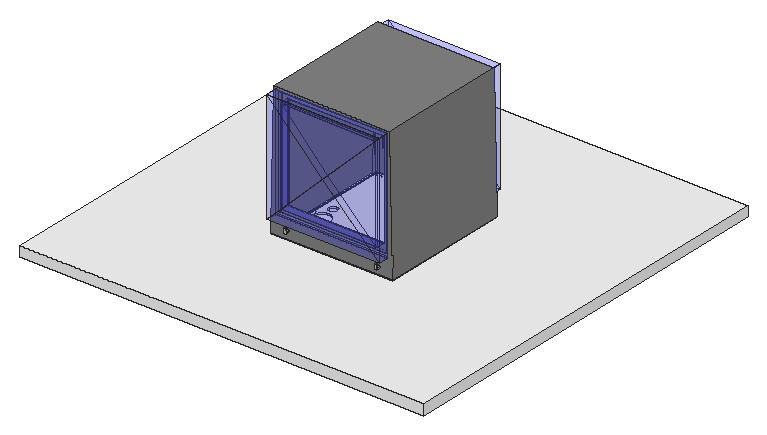
Revit family "BE_50064.5_de_DE", category Leuchten, Revit 2020
Family settings
  Basisbauteil = Fläche
  Bemaßung runder Anschluss = Durchmesser verwenden
  Teiletyp = Normal
  Beim Laden mit Abzugskörper schneiden = Ja
  Lichtquelle = Ja
  Gemeinsam genutzt = Nein
  Raumberechnungspunkt = Ja
Parameters (values of type "BEGA_50064.5_K3")
  built-in parameter 1150104 = 18.636 (stored number, unit not read)
  Wattage = 16.4 W
  Default Elevation = 0 mm
  built-in parameter 1150113 = 1 (stored number, unit not read)
  built-in parameter 1114218 = 1 (stored number, unit not read)
  Umgebungstemperatur = "25 °C"
  URL = "https://www.bega.com/de/produkt/50064.5"
  Typenkommentare = "© 2022 BEGA. Wir behalten uns das Recht vor, technische Änderungen ohne vorherige Ankündigung vorzunehmen."  # constant formula
  built-in parameter 1150134 = (empty or 0)
  built-in parameter 1150109 = 1 (stored number, unit not read)
  Strom = ""
  built-in parameter 1150110 = 1 (stored number, unit not read)
  Spannung = 239.996 V
  Sonderanfertigung = no
  Seriennummer [instance] = "Hier können Sie die eindeutige Seriennummer für das Facility Management eintragen."
  Schutzklasse = "I"
  Schutzart = "IP 20"
  Scheinlast = 0 VA
  Produktdatenblatt = "https://cdn.bega.com/bega/products/50064.5K3/current/documents/data-sheets/de"
  Oberflächentemperatur = ""
  Neigungswinkel = 0.00°
  Modell = "50064.5K3"
  Material_17 = BEGA_Reflektor
  Material_15 = BEGA_Leuchtmedium_matt
  Material_11 = BEGA_Glas_opal
  Material_09 = BEGA_Glas_klar
  Material_08 = BEGA_Oberfläche_Stahl_verzinkt
  Material_06 = BEGA_Oberfläche_Edelstahl_gebürstet
  Material_05 = BEGA_Oberfläche_Aluminium Guss
  Material_03 = BEGA_Oberfläche_Weiss_matt
  Material_02 = BEGA_Oberfläche_Silber_matt
  Material_01 [instance] = BEGA_Oberfläche_Grafit_matt
  M_W = no
  M_G = no
  M_A = no
  Logo = 0
  built-in parameter 1114217 = 1 (stored number, unit not read)
  built-in parameter 1150139 = (empty or 0)
  built-in parameter 1150105 = 261.8 (stored number, unit not read)
  built-in parameter 1150114 = 1 (stored number, unit not read)
  Lumens = 3289.84 lm
  built-in parameter 1150115 = 1 (stored number, unit not read)
  Leuchtenlichtstrom = "1174 lm"
  Leuchtenanzahl = ""
  Lebensdauerkriterien = "L70B50 @ 25 °C = 200000 h"
  Lastklassifizierung = Beleuchtung
  built-in parameter 1150112 = 1 (stored number, unit not read)
  Lampenlichtstrom = "3290 lm"
  Lampe = "LED 16.4 W"
  LED_Modulbezeichnung = "2x LED-0275/930"
  Hersteller = "BEGA"  # constant formula
  Halbstreuwinkel = ""
  Gewicht = "1.6 kg"
  Gebrauchslageneinschränkung [instance] = ""
  Frequenz = "0/50-60 Hz"
  Farbwiedergabeindex = "CRI > 90"
  Farbtemperaturverschiebung bei Dämpfen der Lampe = <Keine Auswahl>
  Farbtemperatur = "3000 K"
  Color Filter = 16777215
  built-in parameter 1150133 = 10 (stored number, unit not read)
  Energieeffizienzklasse = "LED A++ - A"
  built-in parameter 1150137 = (empty or 0)
  built-in parameter 1150132 = (empty or 0)
  ENEC = "ja"
  Dimmbar [instance] = "DALI"
  Datei für fotometrisches Netz = "BE_50064.5K3.IES"
  CE_Konformität = "ja"
  Bestellnummer = "50064.5K3"
  Beschreibung_Sonderanfertigung = "Hier können Sie Informationen zur Sonderanfertigung eintragen."
  Beschreibung = "Wandleuchte"
  built-in parameter 1150106 = 2.618 (stored number, unit not read)
  Befestigungsbohrung = "Ø 4,5 mm"
  Befestigungsabstand = "84 mm"
  Ballwurfsicher = ""
  BEGA_Intern_aus = yes
  BEGA_Intern_an = yes
  BEGA_Intern_Konstruktion = yes
  BEGA_Intern = yes
  BEGA_IES = yes
  BEGA_Dummy = no
  Anschlussleitung = ""
  Anschlussleistung [instance] = "19.3 W"
  Anschlusskasten = ""
  built-in parameter 1150107 = 3000 (stored number, unit not read)
  built-in parameter 1150102 = (empty or 0)
  built-in parameter 1150138 = (empty or 0)
  Aktualisierung = "2022-05-18T04:00:07"
  Abstand_zur_angestrahlten_Fläche [instance] = ""
  AC/DC = "AC/DC"
Types (2, lengths in mm): name | built-in parameter 1150104 | built-in parameter 1150134 | Modell | built-in parameter 1150105 | Lumens | Leuchtenlichtstrom | Lampenlichtstrom | LED_Modulbezeichnung | Farbtemperatur | Datei für fotometrisches Netz | Bestellnummer | built-in parameter 1150106 | built-in parameter 1150107
  BEGA_50064.5_K4 | 19.203 (stored number, unit not read) | 12 | "50064.5K4" | 269.76 (stored number, unit not read) | 3389.88 lm | "1208 lm" | "3390 lm" | "2x LED-0275/940" | "4000 K" | "BE_50064.5K4.IES" | "50064.5K4" | 2.6976 (stored number, unit not read) | 4000 (stored number, unit not read)
  BEGA_50064.5_K3 | 18.636 (stored number, unit not read) | (empty or 0) | "50064.5K3" | 261.8 (stored number, unit not read) | 3289.84 lm | "1174 lm" | "3290 lm" | "2x LED-0275/930" | "3000 K" | "BE_50064.5K3.IES" | "50064.5K3" | 2.618 (stored number, unit not read) | 3000 (stored number, unit not read)
Reference planes
  plane 1 "Mitte (Vorne/Hinten)": y = 0
  plane 2: z = 0
  plane 3 "Mitte (Links/Rechts)": x = 0
  plane 4 "Links": x = -60
  plane 5 "Rechts": x = 60
  plane 6 "Unten": y = -75.718
  plane 7 "Oben": y = 75.718
  plane 8 "Vorne": z = 132
  plane 9 "Hinten": z = 0
Forms (mm)
  Extrusion 1, solid, material "BEGA_Platte_Weiss"
    sketch origin (0, -1119.2, 0) x (1, 0, 0) y (0, 1, 0)
      loop
        line (-200, 1319.2) -> (-200, 919.2) -> (200, 919.2) -> (200, 1319.2) -> (-200, 1319.2)
    from 0 to -10
  Extrusion 2, solid, material "BEGA_Dummy_matt", visible <- "BEGA_Dummy"
    sketch origin (80.095, -76.023, 0) x (1, 0, 0) y (0, 1, 0)
      loop
        line (-140.095, 151.741) -> (-140.095, 0.305) -> (-20.095, 0.305) -> (-20.095, 151.741) -> (-140.095, 151.741)
    from 0 to 132
Dimensions and locks
  plane 1 "Mitte (Vorne/Hinten)" to Extrusion 1 = 200 mm
  aligned and locked: plane 2 to Extrusion 1
  aligned and locked: level to Extrusion 1
Nested families
  nested 1: "BE_50064.5" at (0, 0, 0), type "BE_50064.5"
Connectors
  electrical at (0, 0, 0), driven by "Lastklassifizierung", driven by "Spannung", driven by "Scheinlast"
    settings: index 1, voltage 239.996 V, apparent load 0 VA, apparent load phase1 0 VA, apparent load phase2 0 VA, apparent load phase3 0 VA, power factor 1, load classification "Beleuchtung", number of poles 1, system type 31, power factor state 1, is connector primary yes, connector utility no, sub classification motor no, connector description ""
Definition of nested family "BE_50064.5"
  Parameters (values of type "BE_50064.5")
    Default Elevation = 1 mm
    URL = "http://www.bega.de/de/produkt"
    Type Comments = "© 2015 BEGA. Wir behalten uns das Recht vor, technische Änderungen ohne vorherige Ankündigung vorzunehmen. "  # constant formula
    Type Image = (empty or 0)
    Neigungswinkel_um_Z2 = 0.00°
    Neigungswinkel_um_Z1 = 0.00°
    Neigungswinkel_um_Y2 = 0.00°
    Neigungswinkel_um_Y1 = 0.00°
    Neigungswinkel_um_X2 = 0.00°
    Neigungswinkel_um_X1 = 0.00°
    Material_17 = none
    Material_15 = none
    Material_11 = none
    Material_09 = none
    Material_08 = none
    Material_06 = none
    Material_05 = none
    Material_03 = none
    Material_02 = none
    Material_01 = none
    M_W = yes
    M_G = yes
    M_A = yes
    Länge_Platte = 200 mm  # constant formula
    Höhe_Platte = -10 mm  # constant formula
    Manufacturer = "BEGA"  # constant formula
    Drehwinkel_um_Z2 = 0.00°
    Drehwinkel_um_Z1 = 0.00°
    Breite_Platte = 200 mm  # constant formula
  Reference planes
    plane 1 "Mitte (Oben/Unten)": y = 0
    plane 2: z = 0
    plane 3 "Mitte (Links/Rechts)": x = 0
    plane 4: x = -60
    plane 5: z = 132
    plane 6: x = 60
    plane 7: y = 75.718
    plane 8: y = -75.718
  Forms (mm)
    Extrusion 1, solid, detail levels medium
      sketch origin (0, 0, 0) x (1, 0, 0) y (0, 1, 0)
        loop
          line (-100, 100) -> (-100, -100) -> (100, -100) -> (100, 100) -> (-100, 100)
      from 0 to -10 <- "Höhe_Platte"
    Extrusion 2, void
      sketch origin (0, 0, 0) x (0, 1, 0) y (0, 0, 1)
        loop
          line (-58.45, 129.958) -> (-67.322, 129.958) -> (-67.322, 18.565) -> (-58.45, 18.565) -> (-58.45, 129.958)
        loop
          line (58.45, 130.065) -> (58.45, 18.565) -> (67.693, 18.565) -> (67.693, 130.065) -> (58.45, 130.065)
      from -55.247 to 55.267
    Extrusion 3, void
      sketch origin (0, 0, 0) x (0, 1, 0) y (0, 0, 1)
        loop
          line (-70.047, 121.629) -> (-70.047, 26.562) -> (66.047, 26.562) -> (66.047, 121.629) -> (-70.047, 121.629)
      from -47.5 to 47.553
    Sweep 4, solid, material <- "Material_11", detail levels medium+fine
      path origin (0, 0, 0) x (1, 0, 0) y (0, 0, -1)
        loop
          line (55.831, -130.063) -> (55.831, -18.437) -> (-55.769, -18.437) -> (-55.769, -130.063) -> (55.831, -130.063)
      profile origin (0.031, 0, 130.063) x (0, 0, 1) y (0, 1, 0)
        loop
          line (0.067, -62.867) -> (-2.581, -62.867) -> (-2.738, -58.367) -> (-7.851, -58.367) -> (-8.152, -66.977)
          arc (-8.152, -66.977) -> (-8.43, -67.635) -> (-9.076, -67.939) r 1
          arc (-9.076, -67.939) -> (-32.418, -69.184) -> (-55.793, -69.379) r 520.56
          line (-55.793, -69.379) -> (-55.793, -75.718)
          arc (-55.793, -75.718) -> (-28.065, -75.75) -> (-0.352, -74.864) r 836.627
          line (-0.352, -74.864) -> (0.067, -62.867)
    Sweep 5, solid, material <- "Material_03", detail levels medium+fine
      path origin (0, 0, 0) x (1, 0, 0) y (0, 1, 0)
        loop
          line (60, 64.25) -> (-60, 64.25) -> (-60, -64.25) -> (60, -64.25) -> (60, 64.25)
      profile origin (0, 64.25, 0) x (0, -1, 0) y (0, 0, 1)
        loop
          line (0.5, 0) -> (5, 0)
          arc (5, 0) -> (6.061, 0.439) -> (6.5, 1.5) r 1.5
          line (6.5, 1.5) -> (6.5, 2.5)
          arc (6.5, 2.5) -> (6.646, 2.854) -> (7, 3) r 0.5
          line (7, 3) -> (35.781, 3) -> (35.781, 4) -> (7, 4)
          arc (7, 4) -> (5.939, 3.561) -> (5.5, 2.5) r 1.5
          line (5.5, 2.5) -> (5.5, 1.5)
          arc (5.5, 1.5) -> (5.354, 1.146) -> (5, 1) r 0.5
          line (5, 1) -> (0.5, 1) -> (0.5, 0)
    Extrusion 6, void
      sketch origin (0, 0, 0) x (1, 0, 0) y (0, 1, 0)
        loop
          circle (-40, -26) r 8.5
        loop
          circle (42, -10) r 4.25
        loop
          circle (-42, -10) r 4.25
        loop
          circle (40, -26) r 8.5
      from 0 to 6.683
    Extrusion 7, solid, material <- "Material_03", detail levels medium+fine
      sketch origin (0, 0, 0) x (1, 0, 0) y (0, 1, 0)
        loop
          line (-24.219, -28.469) -> (26.655, -28.469) -> (26.655, 30.554) -> (-24.219, 30.554) -> (-24.219, -28.469)
      from 3 to 4
    Revolve 8, void
      sketch origin (-20, -9.199, 8) x (1, 0, 0) y (0, 1, 0)
        loop
          line (-25, -52.692) -> (-25, -55.966) -> (-21.785, -55.966) -> (-23.112, -53.667) -> (-23.112, -52.692) -> (-25, -52.692)
        axis (-25, -52.692) -> (-25, -55.966)
      angle from 0 to 360
    Revolve 9, solid, material <- "Material_06", detail levels fine
      sketch origin (-45, -16.3, 0) x (0, 1, 0) y (0, 0, 1)
        loop
          line (-49.15, 10) -> (-49.15, 8) -> (-45.433, 8) -> (-45.433, 10.5) -> (-46.575, 10.5) -> (-47.289, 10) -> (-49.15, 10)
        axis (-49.15, 8) -> (-45.433, 8)
      angle from 0 to 360
    Extrusion 10, solid, material <- "Material_01", detail levels medium+fine
      sketch origin (0, 0, 0) x (1, 0, 0) y (0, 0, 1)
        loop
          line (-60, 1) -> (-58.008, 1) -> (-55.755, 130.065) -> (55.755, 130.065) -> (58.008, 1) -> (60, 1) -> (57.713, 132) -> (-57.713, 132) -> (-60, 1)
      from -64.25 to 64.25
    Extrusion 11, solid, material <- "Material_01", detail levels medium+fine
      sketch origin (0, 0, 0) x (1, 0, 0) y (0, 0, 1)
        loop
          line (57.713, 132) -> (-57.713, 132) -> (-60, 1) -> (60, 1) -> (57.713, 132)
      from 57.882 to 64.25
    Extrusion 12, solid, material <- "Material_01", detail levels medium+fine
      sketch origin (0, 0, 0) x (1, 0, 0) y (0, 0, -1)
        loop
          line (57.713, -132) -> (60, -1) -> (-60, -1) -> (-57.713, -132) -> (57.713, -132)
      from 58.018 to 64.25
    Sweep 13, solid, material <- "Material_11", detail levels medium+fine
      path origin (0, 0, 0) x (1, 0, 0) y (0, 0, 1)
        loop
          line (55.831, 130.063) -> (-55.769, 130.063) -> (-55.769, 18.437) -> (55.831, 18.437) -> (55.831, 130.063)
      profile origin (0.031, 0, 130.063) x (0, 0, -1) y (0, -1, 0)
        loop
          line (-0.067, -62.867) -> (0.352, -74.864)
          arc (0.352, -74.864) -> (28.065, -75.75) -> (55.793, -75.718) r 836.627
          line (55.793, -75.718) -> (55.793, -69.379)
          arc (55.793, -69.379) -> (32.418, -69.184) -> (9.076, -67.939) r 520.56
          arc (9.076, -67.939) -> (8.43, -67.635) -> (8.152, -66.977) r 1
          line (8.152, -66.977) -> (7.851, -58.367) -> (2.738, -58.367) -> (2.581, -62.867) -> (-0.067, -62.867)
    Revolve 14, void
      sketch origin (20, -9.199, 8) x (-1, 0, 0) y (0, -1, 0)
        loop
          line (-25, 52.692) -> (-23.112, 52.692) -> (-23.112, 53.667) -> (-21.785, 55.966) -> (-25, 55.966) -> (-25, 52.692)
        axis (-25, 52.692) -> (-25, 55.966)
      angle from 0 to 360
    Revolve 15, solid, material <- "Material_06", detail levels fine
      sketch origin (45, -16.3, 0) x (0, 1, 0) y (0, 0, -1)
        loop
          line (-49.15, -10) -> (-47.289, -10) -> (-46.575, -10.5) -> (-45.433, -10.5) -> (-45.433, -8) -> (-49.15, -8) -> (-49.15, -10)
        axis (-49.15, -8) -> (-45.433, -8)
      angle from 0 to 360
  Cuts and joins
    Extrusion 6 cuts Sweep 5
    joined: Sweep 5, Extrusion 7
    Extrusion 2, Extrusion 3, Revolve 8, Revolve 14 cuts Extrusion 10
    Extrusion 2, Extrusion 3, Revolve 8, Revolve 14 cuts Extrusion 11
    Extrusion 2, Extrusion 3, Revolve 8, Revolve 14 cuts Extrusion 12
    joined: Extrusion 10, Extrusion 11, Extrusion 12
    Revolve 14 cuts Revolve 9
  Dimensions and locks
    equal spacing: Extrusion 1 sketch curve, plane 3 "Mitte (Links/Rechts)", Extrusion 1 sketch curve
    equal spacing: Extrusion 1 sketch curve, plane 1 "Mitte (Oben/Unten)", Extrusion 1 sketch curve
    "Länge_Platte": Extrusion 1 sketch curve to Extrusion 1 sketch curve
    "Breite_Platte": Extrusion 1 sketch curve to Extrusion 1 sketch curve
    aligned and locked: Extrusion 1 to plane 2
    aligned and locked: level to Extrusion 1
  Automatic sketch dimensions
    plane 1 "Mitte (Oben/Unten)" to Extrusion 2 sketch curve = 67.322 mm
    Extrusion 2 sketch curve to Extrusion 2 sketch curve = 8.872 mm
    Extrusion 2 sketch curve to plane 1 "Mitte (Oben/Unten)" = 58.45 mm
    Extrusion 2 sketch curve to Extrusion 2 sketch curve = 9.243 mm
    level to Extrusion 2 sketch curve = 18.565 mm  (x2)
    Extrusion 2 sketch curve to Extrusion 2 sketch curve = 111.393 mm
    Extrusion 2 sketch curve to Extrusion 2 sketch curve = 111.5 mm
    level to Extrusion 3 sketch curve = 26.562 mm
    plane 1 "Mitte (Oben/Unten)" to Extrusion 3 sketch curve = 70.047 mm
    Extrusion 3 sketch curve to plane 1 "Mitte (Oben/Unten)" = 66.047 mm
    Extrusion 3 sketch curve to Extrusion 3 sketch curve = 95.067 mm
    level to Sweep 4 sketch curve = 130.063 mm
    level to Sweep 4 sketch curve = 18.437 mm
    profile plane to Sweep 4 sketch curve = 55.793 mm
    profile plane to Sweep 4 sketch curve = 48.45 mm
    profile plane to Sweep 4 sketch curve = 40.953 mm
    profile plane to Sweep 4 sketch curve = 9.151 mm
    Sweep 4 sketch curve to Sweep 4 sketch curve = 0.999 mm
    profile plane to Sweep 4 sketch curve = 7.851 mm
    profile plane to Sweep 4 sketch curve = 2.738 mm
    profile plane to Sweep 4 sketch curve = 2.581 mm
    profile plane to Sweep 4 sketch curve = 0.352 mm
    Sweep 4 sketch curve to profile plane = 0.067 mm
    Sweep 4 sketch curve to profile plane = 75.718 mm
    Sweep 4 sketch curve to Sweep 4 sketch curve = 0.854 mm
    Sweep 4 sketch curve to Sweep 4 sketch curve = 6.339 mm
    Sweep 4 sketch curve to Sweep 4 sketch curve = 7.886 mm
    Sweep 4 sketch curve to Sweep 4 sketch curve = 0.035 mm
    Sweep 4 sketch curve to Sweep 4 sketch curve = 4.11 mm
    Sweep 4 sketch curve to Sweep 4 sketch curve = 4.5 mm
    Sweep 4 sketch curve to Sweep 4 sketch curve = 309.648 mm
    plane 1 "Mitte (Oben/Unten)" to Sweep 5 sketch curve = 64.25 mm
    Sweep 5 sketch curve to plane 1 "Mitte (Oben/Unten)" = 64.25 mm
    Sweep 5 sketch curve to Sweep 5 sketch curve = 0 mm  (x4)
    Sweep 5 sketch curve to level = 0 mm
    Sweep 5 sketch curve to profile plane = 0.5 mm
    level to Sweep 5 sketch curve = 1 mm
    Sweep 5 sketch curve to Sweep 5 sketch curve = 4.5 mm
    Sweep 5 sketch curve to Sweep 5 sketch curve = 0.5 mm  (x2)
    level to Sweep 5 sketch curve = 3 mm
    Sweep 5 sketch curve to Sweep 5 sketch curve = 28.781 mm
    plane 1 "Mitte (Oben/Unten)" to Extrusion 6 sketch curve = 26 mm  (x2)
    plane 1 "Mitte (Oben/Unten)" to Extrusion 6 sketch curve = 10 mm  (x2)
    plane 1 "Mitte (Oben/Unten)" to Extrusion 7 sketch curve = 28.469 mm
    Extrusion 7 sketch curve to plane 1 "Mitte (Oben/Unten)" = 30.554 mm
    Revolve 8 sketch curve to Revolve 8 sketch curve = 1.327 mm
    plane 1 "Mitte (Oben/Unten)" to Revolve 8 sketch curve = 65.166 mm
    Revolve 8 sketch curve to Revolve 8 sketch curve = 2.299 mm
    Revolve 8 sketch curve to Revolve 8 sketch curve = 0.976 mm
    Revolve 8 sketch curve to Revolve 8 sketch curve = 0.894 mm
    Revolve 8 sketch curve to Revolve 8 sketch curve = 1.743 mm
    level to Revolve 9 sketch curve = 10 mm
    plane 1 "Mitte (Oben/Unten)" to Revolve 9 sketch curve = 65.45 mm
    Revolve 9 sketch curve to Revolve 9 sketch curve = 1.861 mm
    level to Revolve 9 sketch curve = 10.5 mm
    Revolve 9 sketch curve to Revolve 9 sketch curve = 0.714 mm
    Revolve 9 sketch curve to Revolve 9 sketch curve = 1.142 mm
    Revolve 9 sketch curve to Revolve 9 sketch curve = 2 mm  (x2)
    Revolve 9 sketch curve to Revolve 9 sketch curve = 0.817 mm
    Revolve 9 sketch curve to Revolve 9 sketch curve = 0 mm
    level to Extrusion 10 sketch curve = 1 mm  (x2)
    Extrusion 10 sketch curve to Extrusion 10 sketch curve = 1.992 mm  (x2)
    Extrusion 10 sketch curve to Extrusion 10 sketch curve = 1.959 mm  (x2)
    Extrusion 10 sketch curve to Extrusion 10 sketch curve = 129.065 mm
    Extrusion 10 sketch curve to Extrusion 10 sketch curve = 1.935 mm
    level to Extrusion 11 sketch curve = 1 mm
    Extrusion 11 sketch curve to Extrusion 11 sketch curve = 131 mm
    level to Extrusion 12 sketch curve = 1 mm
    Extrusion 12 sketch curve to Extrusion 12 sketch curve = 131 mm
    level to Sweep 13 sketch curve = 18.437 mm
    Sweep 13 sketch curve to Sweep 13 sketch curve = 111.626 mm
    profile plane to Sweep 13 sketch curve = 0.067 mm
    Sweep 13 sketch curve to profile plane = 0.352 mm
    Sweep 13 sketch curve to profile plane = 2.581 mm
    Sweep 13 sketch curve to profile plane = 2.738 mm
    Sweep 13 sketch curve to Sweep 13 sketch curve = 5.113 mm
    Sweep 13 sketch curve to Sweep 13 sketch curve = 5.571 mm
    Sweep 13 sketch curve to Sweep 13 sketch curve = 0.999 mm
    Sweep 13 sketch curve to profile plane = 40.953 mm
    Sweep 13 sketch curve to profile plane = 48.45 mm
    Sweep 13 sketch curve to Sweep 13 sketch curve = 46.642 mm
    Sweep 13 sketch curve to profile plane = 75.718 mm
    Sweep 13 sketch curve to Sweep 13 sketch curve = 0.854 mm
    Sweep 13 sketch curve to Sweep 13 sketch curve = 6.339 mm
    Sweep 13 sketch curve to Sweep 13 sketch curve = 7.886 mm
    Sweep 13 sketch curve to Sweep 13 sketch curve = 0.035 mm
    Sweep 13 sketch curve to Sweep 13 sketch curve = 4.11 mm
    Sweep 13 sketch curve to Sweep 13 sketch curve = 4.5 mm
    Sweep 13 sketch curve to Sweep 13 sketch curve = 309.648 mm
    Revolve 14 sketch curve to Revolve 14 sketch curve = 1.327 mm
    plane 1 "Mitte (Oben/Unten)" to Revolve 14 sketch curve = 61.891 mm
    Revolve 14 sketch curve to Revolve 14 sketch curve = 0.976 mm
    Revolve 14 sketch curve to Revolve 14 sketch curve = 2.299 mm
    Revolve 14 sketch curve to Revolve 14 sketch curve = 1.743 mm
    Revolve 14 sketch curve to Revolve 14 sketch curve = 0.894 mm
    level to Revolve 15 sketch curve = 10 mm
    plane 1 "Mitte (Oben/Unten)" to Revolve 15 sketch curve = 65.45 mm
    Revolve 15 sketch curve to Revolve 15 sketch curve = 1.861 mm
    level to Revolve 15 sketch curve = 10.5 mm
    Revolve 15 sketch curve to Revolve 15 sketch curve = 0.714 mm
    Revolve 15 sketch curve to Revolve 15 sketch curve = 1.142 mm
    Revolve 15 sketch curve to Revolve 15 sketch curve = 2.5 mm
    Revolve 15 sketch curve to Revolve 15 sketch curve = 2 mm
    Revolve 15 sketch curve to Revolve 15 sketch curve = 0.817 mm
    Revolve 15 sketch curve to Revolve 15 sketch curve = 0 mm
    Sweep 4 sketch curve to plane 3 "Mitte (Links/Rechts)" = 55.769 mm
    Sweep 5 sketch curve to plane 3 "Mitte (Links/Rechts)" = 60 mm
    Extrusion 6 sketch curve to plane 3 "Mitte (Links/Rechts)" = 40 mm
    Extrusion 6 sketch curve to Extrusion 6 sketch curve = 2 mm  (x2)
    Extrusion 7 sketch curve to plane 3 "Mitte (Links/Rechts)" = 24.219 mm
    Revolve 8 sketch curve to plane 3 "Mitte (Links/Rechts)" = 45 mm
    Revolve 8 sketch curve to Revolve 8 sketch curve = 1.888 mm
    Revolve 8 sketch curve to Revolve 8 sketch curve = 0 mm
    Extrusion 10 sketch curve to plane 3 "Mitte (Links/Rechts)" = 55.755 mm
    Extrusion 10 sketch curve to plane 3 "Mitte (Links/Rechts)" = 58.008 mm
    Extrusion 11 sketch curve to plane 3 "Mitte (Links/Rechts)" = 57.713 mm
    Extrusion 11 sketch curve to plane 3 "Mitte (Links/Rechts)" = 60 mm
    Extrusion 12 sketch curve to plane 3 "Mitte (Links/Rechts)" = 57.713 mm
    Extrusion 12 sketch curve to plane 3 "Mitte (Links/Rechts)" = 60 mm
    Sweep 13 sketch curve to plane 3 "Mitte (Links/Rechts)" = 55.769 mm
    plane 3 "Mitte (Links/Rechts)" to Sweep 4 sketch curve = 55.831 mm
    plane 3 "Mitte (Links/Rechts)" to Sweep 5 sketch curve = 60 mm
    plane 3 "Mitte (Links/Rechts)" to Extrusion 6 sketch curve = 40 mm
    plane 3 "Mitte (Links/Rechts)" to Extrusion 7 sketch curve = 26.655 mm
    plane 3 "Mitte (Links/Rechts)" to Extrusion 10 sketch curve = 55.755 mm
    plane 3 "Mitte (Links/Rechts)" to Extrusion 10 sketch curve = 58.008 mm
    plane 3 "Mitte (Links/Rechts)" to Extrusion 11 sketch curve = 57.713 mm
    plane 3 "Mitte (Links/Rechts)" to Extrusion 11 sketch curve = 60 mm
    plane 3 "Mitte (Links/Rechts)" to Extrusion 12 sketch curve = 57.713 mm
    plane 3 "Mitte (Links/Rechts)" to Extrusion 12 sketch curve = 60 mm
    plane 3 "Mitte (Links/Rechts)" to Sweep 13 sketch curve = 55.831 mm
    plane 3 "Mitte (Links/Rechts)" to Revolve 14 sketch curve = 45 mm
    Revolve 14 sketch curve to Revolve 14 sketch curve = 1.888 mm
    Revolve 14 sketch curve to Revolve 14 sketch curve = 0 mm
    radius of Extrusion 6 sketch curve = 8.5 mm  (x2)
    radius of Extrusion 6 sketch curve = 4.25 mm  (x2)
